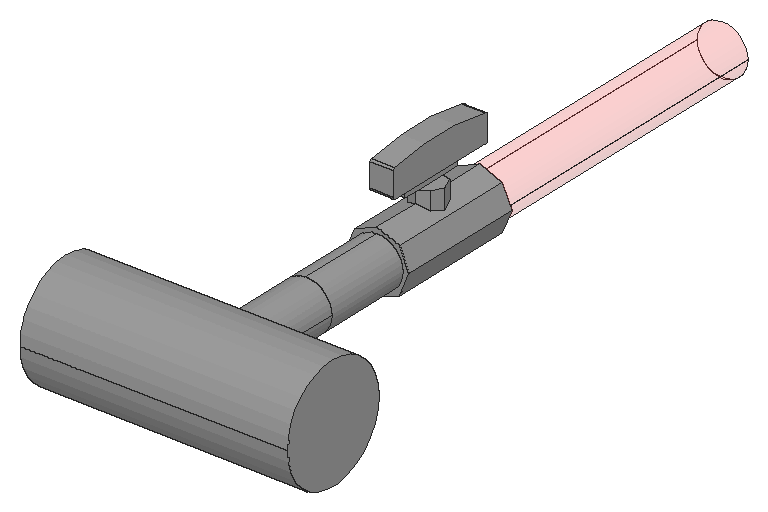
Revit family "(FMP)Tee_STS_15A-20A_Ball Valve_One Piece_Weld Lok_V_Nozzle", category Pipe Fittings, Revit 2021
Family settings
  Round Connector Dimension = Use Radius
  Part Type = Tee
  Work Plane-Based = No
  Always vertical = Yes
  Cut with Voids When Loaded = No
  Shared = No
Parameters (values of type "Tee_10S_BE, A1L1(STS304 AP)")
  Valve Type = (FMP)Ball Valve_STS_15A-25A_One Piece_Weld Lok_Nozzle : Ball Valve_One Piece_Weld Lok, A1L1(STS304 AP)
  SB_ZONE [instance] = ""
  SB_UTILITY [instance] = ""
  SB_SUBCON [instance] = ""
  SB_SHOPDATE [instance] = ""
  SB_REVDATE [instance] = ""
  SB_REV [instance] = ""
  SB_PROJECT [instance] = ""
  SB_PHASE [instance] = ""
  SB_LINENO [instance] = ""
  SB_INDATE [instance] = ""
  SB_FUTURE [instance] = ""
  SB_FL [instance] = ""
  SB_FIELD [instance] = ""
  SB_EXCLUSION [instance] = ""
  SB_CONSTRUCTION TYPE [instance] = ""
  SB_CONDATE [instance] = ""
  SB_CAPA [instance] = ""
  SB_BLDG [instance] = ""
  Radius 2 [instance] = 7.5 mm
  Radius 1 [instance] = 20 mm
  PFA Size [instance] = ""
  OD2 [instance] = size_lookup(Link, "OD2", -1 mm, Diameter 1, Diameter 2) / 2  # 10.85 mm
  OD1 [instance] = size_lookup(Link, "OD1", -1 mm, Diameter 1, Diameter 2) / 2  # 24.3 mm
  NOZZLE VALVE = "NOZZLE"  # constant formula
  Link = "Tee_STS_15A-20A_Ball Valve_One Piece_Key Lock_Weld Lok_V_Nozzle"
  Length [instance] = size_lookup(Link, "Length", -1 mm, Diameter 1, Diameter 2)  # 114.4 mm
  Height [instance] = size_lookup(Link, "Height", -1 mm, Diameter 1, Diameter 2)  # 57.2 mm
  Dike [instance] = ""
  Diameter 2 [instance] = Radius 2 * 2  # 15 mm
  Diameter 1 [instance] = Radius 1 * 2  # 40 mm
  Default Elevation = 0 mm
  CUSTOM_3 [instance] = ""
  CUSTOM_2 [instance] = ""
  CUSTOM_1 [instance] = ""
Types (2, lengths in mm): name | Valve Type
  Tee_10S_BE, A1K(STS304) | (FMP)Ball Valve_STS_15A-25A_One Piece_Weld Lok_Nozzle : Ball Valve_One Piece_Weld Lok, A1K(STS304)
  Tee_10S_BE, A1L1(STS304 AP) | (FMP)Ball Valve_STS_15A-25A_One Piece_Weld Lok_Nozzle : Ball Valve_One Piece_Weld Lok, A1L1(STS304 AP)
Reference planes
  plane 1 "Center (Front/Back)": y = 0
  plane 2: z = 0
  plane 3 "Center (Left/Right)": x = 0
  plane 4: x = 57.2
  plane 5: x = -57.2
  plane 6: y = 57.2
Forms (mm)
  Sweep 1, solid, material "Default", detail levels fine
    path origin (0, 0, 0) x (1, 0, 0) y (0, 1, 0)
      loop
        line (-57.2, 0) -> (57.2, 0)
    profile "Tee_STS : Out Diameter A" origin (0, 0, 0) x (0, 1, 0) y (0, 0, 1)
      loop
        circle (0, 0) r 24.3
  Sweep 2, solid, material "Default", detail levels fine
    path origin (0, 0, 0) x (1, 0, 0) y (0, 1, 0)
      loop
        line (0, 0) -> (0, 57.2)
    profile "Tee_STS : Out Diameter B" origin (0, 28.6, 0) x (-1, 0, 0) y (0, 0, 1)
      loop
        circle (0, 0) r 10.85
Cuts and joins
  joined: Sweep 1, Sweep 2
Lines and regions (mm)
  model lines, detail levels coarse+medium
    curve 1: line (0, 0, 0) -> (0, 57.2, 0)
    curve 2: line (-57.2, 0, 0) -> (57.2, 0, 0)
Dimensions and locks
  equal spacing: plane 5, plane 3 "Center (Left/Right)", plane 4
  "Length": plane 5 to plane 4
  "Height": plane 6 to plane 1 "Center (Front/Back)"
  "Height": Sweep 2 sketch curve to Sweep 2 sketch curve
  angle plane 1 "Center (Front/Back)" to Sweep 2 sketch curve = 90.00°
  aligned and locked: level to plane 2
  aligned and locked: plane 4 to curve 2
  aligned and locked: plane 3 "Center (Left/Right)" to Sweep 2 sketch curve
  aligned and locked: plane 1 "Center (Front/Back)" to Sweep 2 sketch curve
  aligned and locked: Sweep 2 to curve 1
  aligned and locked: plane 1 "Center (Front/Back)" to curve 1
  aligned and locked: plane 3 "Center (Left/Right)" to curve 1
  aligned and locked: Sweep 1 to curve 2
  aligned and locked: nested 1 to plane 6
Automatic sketch dimensions
  plane 1 "Center (Front/Back)" to Sweep 1 sketch curve = 0 mm
  Sweep 1 sketch curve to plane 5 = 0 mm
  Sweep 1 sketch curve to plane 4 = 0 mm
Nested families
  nested 1: "(FMP)Ball Valve_STS_15A-25A_One Piece_Weld Lok_Nozzle" at (0, 122.7, 0) x (0, 1, 0) z (0, 0, 1), Radius <- "Radius 2", type <- "Valve Type", SB_SHOPDATE <- "SB_SHOPDATE", SB_INDATE <- "SB_INDATE", SB_CONDATE <- "SB_CONDATE", SB_SUBCON <- "SB_SUBCON", SB_ZONE <- "SB_ZONE", SB_CONSTRUCTION TYPE <- "SB_CONSTRUCTION TYPE", SB_UTILITY <- "SB_UTILITY", SB_BLDG <- "SB_BLDG", SB_FL <- "SB_FL", SB_REV <- "SB_REV", SB_REVDATE <- "SB_REVDATE", SB_CAPA <- "SB_CAPA", SB_FUTURE <- "SB_FUTURE", SB_FIELD <- "SB_FIELD", SB_LINENO <- "SB_LINENO", SB_PHASE <- "SB_PHASE", CUSTOM_1 <- "CUSTOM_1", CUSTOM_2 <- "CUSTOM_2", CUSTOM_3 <- "CUSTOM_3", SB_EXCLUSION <- "SB_EXCLUSION", SB_PROJECT <- "SB_PROJECT", PFA Size <- "PFA Size", Dike <- "Dike", type "Ball Valve_One Piece_Weld Lok, A1L1(STS304 AP)"
    with Width_R 38 mm, Width 93 mm, Screw_L 26.9 mm, SB_ZONE "", SB_UTILITY "", SB_SUBCON "", SB_SHOPDATE "", SB_REVDATE "", SB_REV "", SB_PROJECT "", SB_PHASE "", SB_LINENO "", SB_INDATE "", SB_FUTURE "", SB_FL "", SB_FIELD "", SB_EXCLUSION "", SB_CONSTRUCTION TYPE "", SB_CONDATE "", SB_CAPA "", SB_BLDG "", Radius 7.5 mm, Pipe_R 10.85 mm, PFA Size "", Height 35.4 mm, Handle_W 50 mm, Handle_H 11 mm, Dike "", Diameter 15 mm, CUSTOM_3 "", CUSTOM_2 "", CUSTOM_1 "", Body_H 13.45 mm
  nested 2: "(FMP)Hook Up Space_PI_Water_Dummy" at (0, 150.2, 0) x (0, 1, 0) z (0, 0, 1), type "Hook Up Space_PI_Water, Dummy"
    with Radius 7.5 mm, OD 21.7 mm, Length 130 mm, Diameter 15 mm
Connectors
  piping at (-57.2, 0, 0), diameter 40, driven by "Radius 1"
    settings: on Sweep 1, index 1, connector inside diameter 609.6 mm, connector length 0 mm, flow factor 0, pipe flow 0.0 L/s, pressure drop 0.0 Pa, fitting loss kfactor 0, connector angle 0.00°, fixture units 0, engagement length 0 mm, angle of deflection 0.00°, flow configuration 0, flow direction 0, fitting loss method 0, system type 28, joint type 0, gender type 0, connector reference index 2, connector utility 0, adjustable connector no, is connector primary yes, connector description ""
  piping at (57.2, 0, 0), diameter 40, driven by "Radius 1"
    settings: on Sweep 1, index 2, connector inside diameter 609.6 mm, connector length 0 mm, flow factor 0, pipe flow 0.0 L/s, pressure drop 0.0 Pa, fitting loss kfactor 0, connector angle 0.00°, fixture units 0, engagement length 0 mm, angle of deflection 0.00°, flow configuration 0, flow direction 0, fitting loss method 0, system type 28, joint type 0, gender type 0, connector reference index 1, connector utility 0, adjustable connector no, is connector primary no, connector description ""
  piping at (0, 150.2, 0), diameter 15, driven by "Radius 2"
    settings: on nested 1, index 3, connector inside diameter 609.6 mm, connector length 0 mm, flow factor 0, pipe flow 0.0 L/s, pressure drop 0.0 Pa, fitting loss kfactor 0, connector angle 0.00°, fixture units 0, engagement length 0 mm, angle of deflection 0.00°, flow configuration 0, flow direction 0, fitting loss method 0, system type 29, joint type 0, gender type 0, connector reference index -1, connector utility 0, adjustable connector no, is connector primary no, connector description ""
Definition of nested family "(FMP)Ball Valve_STS_15A-25A_One Piece_Weld Lok_Nozzle"
  Parameters (values of type "Ball Valve_One Piece_Weld Lok, A1L1(STS304 AP)")
    Screw_L [instance] = size_lookup(Link, "Screw Length", -1 mm, Diameter)  # 26.9 mm
    SB_ZONE [instance] = ""
    SB_UTILITY [instance] = ""
    SB_SUBCON [instance] = ""
    SB_SHOPDATE [instance] = ""
    SB_REVDATE [instance] = ""
    SB_REV [instance] = ""
    SB_PROJECT [instance] = ""
    SB_PHASE [instance] = ""
    SB_LINENO [instance] = ""
    SB_INDATE [instance] = ""
    SB_FUTURE [instance] = ""
    SB_FL [instance] = ""
    SB_FIELD [instance] = ""
    SB_EXCLUSION [instance] = ""
    SB_CONSTRUCTION TYPE [instance] = ""
    SB_CONDATE [instance] = ""
    SB_CAPA [instance] = ""
    SB_BLDG [instance] = ""
    Radius [instance] = 7.5 mm
    PFA Size [instance] = ""
    Link = "Ball Valve_STS_15A-25A_One Piece_Key Lock_Weld Lok_Nozzle"
    Height [instance] = size_lookup(Link, "Height", -1 mm, Diameter)  # 35.4 mm
    Handle_W [instance] = size_lookup(Link, "Handle_W", -1 mm, Diameter)  # 50 mm
    Width_R [instance] = size_lookup(Link, "Width_R", -1 mm, Diameter)  # 38 mm
    Type Comments = ""
    Pipe_R [instance] = size_lookup(Link, "OD", -1 mm, Diameter) / 2  # 10.85 mm
    Model = ""
    Manufacturer = ""
    Width [instance] = size_lookup(Link, "Width", -1 mm, Diameter)  # 93 mm
    Keynote = ""
    Handle_H [instance] = size_lookup(Link, "Handle_H", -1 mm, Diameter)  # 11 mm
    Dike [instance] = ""
    Diameter [instance] = Radius * 2  # 15 mm
    Default Elevation = 0 mm
    CUSTOM_3 [instance] = ""
    CUSTOM_2 [instance] = ""
    CUSTOM_1 [instance] = ""
    Body_H [instance] = Screw_L / 2  # 13.45 mm
  Types (2): name
    Ball Valve_One Piece_Weld Lok, A1L1(STS304 AP)
    Ball Valve_One Piece_Weld Lok, A1K(STS304)
  Reference planes
    plane 1 "Center (Front/Back)": y = 0
    plane 2: z = 0
    plane 3 "Center (Left/Right)": x = 0
    plane 4: y = -8.5
    plane 5: y = 8.5
    plane 6: y = -9.8
    plane 7: y = 33.573
    plane 8: y = -33.573
    plane 9: z = 35.4
    plane 10: x = 27.5
    plane 11: x = -27.5
    plane 12: z = 21.525
    plane 13: z = 24.4
    plane 14: x = -25
    plane 15: x = 25
    plane 16: x = -14
    plane 17: x = 14
    plane 18: z = 18.925
    plane 19: x = -65.5
    plane 20: z = 13.45
  Forms (mm)
    Extrusion 1, solid, detail levels fine
      sketch origin (0, 0, 0) x (1, 0, 0) y (0, 0, 1)
        loop
          arc (-24.276, 36.264) -> (-24.795, 35.964) -> (-25, 35.4) r 0.878
          line (-25, 35.4) -> (-25, 25.4)
          arc (-25, 25.4) -> (-24.707, 24.693) -> (-24, 24.4) r 1
          line (-24, 24.4) -> (24, 24.4)
          arc (24, 24.4) -> (24.707, 24.693) -> (25, 25.4) r 1
          line (25, 25.4) -> (25, 35.4)
          arc (25, 35.4) -> (24.756, 36.009) -> (24.159, 36.282) r 0.883
          arc (24.159, 36.282) -> (-0.059, 38.972) -> (-24.276, 36.264) r 110
      from -5 to 5
    Revolve 2, solid, detail levels fine
      sketch origin (0, 0, 0) x (1, 0, 0) y (0, 0, 1)
        loop
          line (-27.5, 0) -> (-27.5, 10.85) -> (-65.5, 10.85) -> (-65.5, 0) -> (-27.5, 0)
        axis (-27.5, 0) -> (-65.5, 0)
      angle from 0 to 360
    Sweep 3, solid, detail levels fine
      path origin (0, 0, 0) x (1, 0, 0) y (0, 0, 1)
        loop
          line (27.5, 0) -> (-27.5, 0)
      profile "Screw : Screw_A" origin (0, 0, 0) x (0, 0, -1) y (0, -1, 0)
        loop
          line (-9.511, 9.511) -> (-13.45, 0) -> (-9.511, -9.511) -> (0, -13.45) -> (9.511, -9.511) -> (13.45, 0) -> (9.511, 9.511) -> (0, 13.45) -> (-9.511, 9.511)
    Extrusion 4, solid, detail levels fine
      sketch origin (0, 0, 0) x (1, 0, 0) y (0, 0, 1)
        loop
          line (17.426, 24.4) -> (-17.426, 24.4) -> (-14, 21.525) -> (-14, 18.925) -> (14, 18.925) -> (14, 21.525) -> (17.426, 24.4)
      from -1 to 1
    Sweep 5, solid, detail levels fine
      path origin (0, 0, 0) x (1, 0, 0) y (0, 0, 1)
        loop
          line (0, 18.925) -> (0, 0)
      profile "Screw : Screw_B" origin (0, 0, 9.462) x (1, 0, 0) y (0, -1, 0)
        loop
          line (-4.95, 4.95) -> (-7, 0) -> (-4.95, -4.95) -> (0, -7) -> (4.95, -4.95) -> (7, 0) -> (4.95, 4.95) -> (0, 7) -> (-4.95, 4.95)
  Cuts and joins
    joined: Extrusion 1, Revolve 2, Sweep 3, Extrusion 4, Sweep 5
  Dimensions and locks
    equal spacing: plane 4, plane 1 "Center (Front/Back)", plane 5
    plane 4 to plane 5 = 17 mm
    plane 1 "Center (Front/Back)" to plane 6 = 9.8 mm
    equal spacing: plane 8, plane 1 "Center (Front/Back)", plane 7
    plane 8 to plane 7 = 67.146 mm
    plane 18 to plane 12 = 2.6 mm
    "Height": level to plane 9
    "Pipe_R": level to Revolve 2 sketch curve
    "Width": plane 19 to plane 10
    equal spacing: plane 11, plane 3 "Center (Left/Right)", plane 10
    "Handle_W": plane 15 to plane 14
    "Width_R": plane 19 to plane 11
    "Handle_H": plane 13 to plane 9
    "Body_H": level to plane 20
    equal spacing: plane 15, plane 3 "Center (Left/Right)", plane 14
    equal spacing: plane 20, plane 18, plane 13
    radius of Extrusion 1 sketch curve = 110 mm
    locked: Extrusion 4 sketch curve to Extrusion 4 sketch curve (angle 40.00°)  (x2)
    aligned and locked: level to plane 2
    aligned and locked: Revolve 2 sketch curve to level
    aligned and locked: Revolve 2 sketch curve to plane 11
    aligned and locked: plane 19 to Revolve 2 sketch curve
    aligned and locked: Sweep 3 sketch curve to level
    aligned and locked: plane 11 to Sweep 3 sketch curve
    aligned and locked: plane 10 to Sweep 3 sketch curve
    aligned and locked: Extrusion 4 sketch curve to plane 17
    aligned and locked: Extrusion 4 sketch curve to plane 16
    aligned and locked: plane 13 to Extrusion 4 sketch curve
    aligned and locked: plane 9 to Extrusion 1 sketch curve  (x2)
    aligned and locked: nested 1 to plane 10
    aligned and locked: Sweep 5 to plane 18
    aligned and locked: Sweep 5 to level
    aligned and locked: plane 19 to nested 2
  Automatic sketch dimensions
    Extrusion 4 sketch curve to plane 18 = 0 mm
    Extrusion 4 sketch curve to plane 12 = 0 mm  (x2)
    plane 14 to Extrusion 1 sketch curve = 0 mm
    Extrusion 1 sketch curve to plane 13 = 0 mm
    Extrusion 1 sketch curve to plane 15 = 0 mm
    plane 13 to Extrusion 1 sketch curve = 1 mm
    Extrusion 1 sketch curve to plane 15 = 1 mm
    Extrusion 1 sketch curve to plane 14 = 0.724 mm
    Extrusion 1 sketch curve to plane 14 = 0.878 mm
    Extrusion 1 sketch curve to plane 3 "Center (Left/Right)" = 0.019 mm
    Extrusion 1 sketch curve to Extrusion 1 sketch curve = 0.042 mm
    Sweep 5 sketch curve to level = 0 mm
    Sweep 5 sketch curve to plane 3 "Center (Left/Right)" = 0 mm
    Sweep 5 sketch curve to plane 18 = 0 mm
    Revolve 2 sketch curve to level = 0 mm
    plane 19 to Revolve 2 sketch curve = 0 mm
    plane 11 to Revolve 2 sketch curve = 0 mm
  Nested families
    nested 1: "(FMP)Hook Up Space_PI_Water_Dummy" at (27.5, 0, 0), Radius <- "Radius", type "Hook Up Space_PI_Water, Dummy", detail levels fine
      with Radius 7.5 mm, OD 21.7 mm, Length 130 mm, Diameter 15 mm
    nested 2: "Symbol_Vavle" at (-19, 0, 0), S_Length <- "Width", type "Symbol_Ball Valve", detail levels coarse+medium
      with S_Radius 23.25 mm, S_R Offset 3.488 mm, S_Length 93 mm, S_L Offset 6.51 mm, S_Center R 23.25 mm, Bellows Scale 0.465
  Definition of nested family "(FMP)Hook Up Space_PI_Water_Dummy"
    Parameters (values of type "Hook Up Space_PI_Water, Dummy")
      Radius [instance] = 7.5 mm
      OD [instance] = size_lookup(Link, "OD", -1 mm, Diameter)  # 21.7 mm
      Model = "Dummy_Hook Up"  # constant formula
      Link = "Hook Up Space_PI_Water_Dummy"
      Length [instance] = size_lookup(Link, "Length", -1 mm, Diameter)  # 130 mm
      Diameter [instance] = Radius * 2  # 15 mm
    Reference planes
      plane 1 "Center (Front/Back)": y = 0
      plane 2: z = 0
      plane 3 "Center (Left/Right)": x = 0
      plane 4: x = 130
    Forms (mm)
      Sweep 1, solid
        path in 3D
          loop
            line (0, 0, 0) -> (130, 0, 0)
        profile "Hook Up Space_PI_Water_Dummy : Out Diameter" origin (65, 0, 0) x (0, 1, 0) y (0, 0, 1)
          loop
            circle (0, 0) r 10.85
    Lines and regions (mm)
      reference lines
        curve 1: line (0, 0, 0) -> (130, 0, 0)
      sketch lines
        curve 2: line (0, 0, 0) -> (130, 0, 0)
    Dimensions and locks
      "Length": plane 3 "Center (Left/Right)" to plane 4
      aligned and locked: level to plane 2
    Automatic sketch dimensions
      plane 1 "Center (Front/Back)" to curve 1 = 0 mm
      curve 1 to plane 3 "Center (Left/Right)" = 0 mm
      curve 1 to plane 4 = 0 mm
Definition of nested family "(FMP)Hook Up Space_PI_Water_Dummy"
  Parameters (values of type "Hook Up Space_PI_Water, Dummy")
    Radius [instance] = 7.5 mm
    OD [instance] = size_lookup(Link, "OD", -1 mm, Diameter)  # 21.7 mm
    Model = "Dummy_Hook Up"  # constant formula
    Link = "Hook Up Space_PI_Water_Dummy"
    Length [instance] = size_lookup(Link, "Length", -1 mm, Diameter)  # 130 mm
    Diameter [instance] = Radius * 2  # 15 mm
  Reference planes
    plane 1 "Center (Front/Back)": y = 0
    plane 2: z = 0
    plane 3 "Center (Left/Right)": x = 0
    plane 4: x = 130
  Forms (mm)
    Sweep 1, solid
      path in 3D
        loop
          line (0, 0, 0) -> (130, 0, 0)
      profile "Hook Up Space_PI_Water_Dummy : Out Diameter" origin (65, 0, 0) x (0, 1, 0) y (0, 0, 1)
        loop
          circle (0, 0) r 10.85
  Lines and regions (mm)
    reference lines
      curve 1: line (0, 0, 0) -> (130, 0, 0)
    sketch lines
      curve 2: line (0, 0, 0) -> (130, 0, 0)
  Dimensions and locks
    "Length": plane 3 "Center (Left/Right)" to plane 4
    aligned and locked: level to plane 2
  Automatic sketch dimensions
    plane 1 "Center (Front/Back)" to curve 1 = 0 mm
    curve 1 to plane 3 "Center (Left/Right)" = 0 mm
    curve 1 to plane 4 = 0 mm
